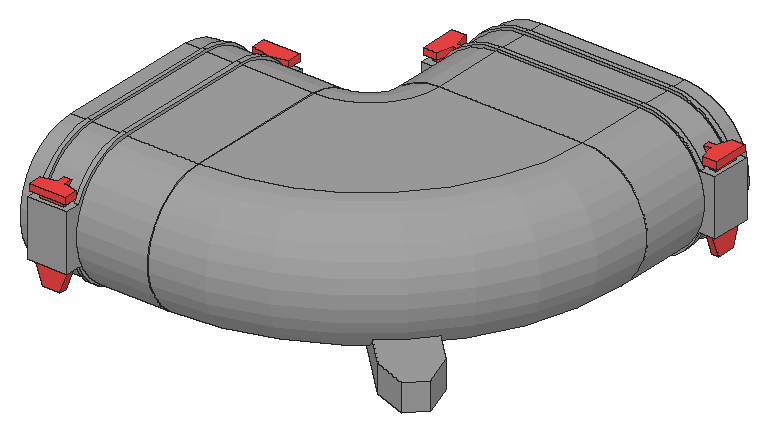
Revit family "CADS_AIRFLOWdev_AirflexPro_Oval_Elbow_90DegHorizontal", category Duct Fittings, Revit 2015
Parameters (values of type "CADS_AIRFLOWdev_AirflexPro_Oval_Elbow_90DegHorizontal")
  WorkingPressure = 3000.0 Pa
  WeeklyMaintenance = "N/A"
  WarrantyStartDate [instance] = "1900-12-31T23:59:156"
  WarrantyPeriod = "0"
  WarrantyIdentifier = "N/A"
  WarrantyGuarantorParts = "info@airflow.com"
  WarrantyGuarantorLabor = "info@airflow.com"
  WarrantyGuarantor = "Airflow Developments Ltd"
  WarrantyEndDate [instance] = "1900-12-31T23:59:156"
  WarrantyContent = "N/A"
  Uniclass2015 = "Pr_30_59_96_92:Ventilation ducts"
  TemperatureRange = "up to 40°C"
  TagNumber [instance] = "N/A"
  SustainabilityPerformance = "N/A"
  Status = "New"
  Size = "188 x 188 x 54"
  ShippingWeight = 0.24 kg
  Shape = "Other"
  ServiceLifeType = "EXPECTEDSERVICELIFE"
  ServiceLifeDuration = "10"
  SerialNumber [instance] = "N/A"
  SAPApproval = yes
  RunID = "0"
  ReplacementCost = "12.852"
  Reinforcement = "N/A"
  RedDotDesignAward = no
  QuarterlyMaintenance = "N/A"
  Quantity = 1
  ProductionYear = "2017"
  ProductLiterature = "https://www.airflow.com/pdf/Accessories.pdf#page=3"
  PointOfContact = "Airflow Developments Ltd"
  PassiveHouseApproval = no
  NominalWidth = 188 mm
  NominalLength = 188 mm
  NominalHeight = 54 mm
  NBSCode = "45-80-50/394 Ventilation ducts"
  MonthlyMaintenance = "N/A"
  ModelReference [instance] = "90000248"
  ModelLabel [instance] = "54mm x 117mm Oval 90° Horizontal Elbow (incl. 4 clips)"
  Material = "Plastic"
  ManufacturerWebsite = "www.airflow.com"
  ManufacturerTelephone = "01494 525252"
  ManufacturerE-Mail = "info@airflow.com"
  ManufacturerAddress = "Aidelle House\nLancaster Road\nCressex Business Park\nHigh Wycombe\nBucks\nHP123QP"
  Manufacturer = "AirFlow Devopments Ltd"
  MaintenanceRequired8001to12000hrs = "N/A"
  MaintenanceRequired601to1000hrs = "N/A"
  MaintenanceRequired4001to8000hrs = "N/A"
  MaintenanceRequired301to600hrs = "N/A"
  MaintenanceRequired2001to4000hrs = "N/A"
  MaintenanceRequired1001to2000hrs = "N/A"
  MaintenanceRequired0to300hrs = "N/A"
  LongitudinalSeam = "None"
  IsExtendedWarranty = no
  InstallationDate [instance] = "1900-12-31T23:59:156"
  ISO90001 = yes
  ISO140001 = yes
  GrossWeight = 0.20 kg
  Grade = "Virgin"
  GlobalTradeItemNumber [instance] = "5019009312323"
  FlipFixingPoint [instance] = no
  FixingOffset [instance] = if(FlipFixingPoint, 0 mm, 48 mm)  # 48 mm
  Fitting Type = "Ignore"
  FireControlPanelLinks = no
  Finish = "Lacquer"
  Features = "54mm x 117mm Oval 90° Horizontal Elbow (incl. 4 clips)"
  ExpectedServiceLife = 10
  Exclusions = "N/A"
  DurationUnit = "Year"
  DailyMaintenance = "N/A"
  Constituents = "54mm x 117mm Oval 90° Horizontal Elbow (incl. 4 clips)"
  Color = "Grey"
  CodePerformance = "N/A"
  CEApproval = yes
  CADS_Index = 0
  BespokeTimeFrameMaintenance = "N/A"
  AssetType = "FIXED"
  AssetIdentifier [instance] = "N/A"
  AssemblyPlace = "UNKNOWN"
  ArticleNumber [instance] = "N/A"
  AnnualMaintenance = "N/A"
  AirflowRateRange = 9.0 L/s
  AccessibilityPerformance = "N/A"
  AF_Body = AF_Grey
  6MonthlyMaintenance = "Visually inspect system, clean the fan and ducting if necessary"
Types (2, lengths in mm): name | RedDotDesignAward | PassiveHouseApproval | NominalWidth | NominalLength | NominalHeight | IsExtendedWarranty | FireControlPanelLinks
  (no name) | yes | yes | 0 | 0 | 0 | yes | yes
  CADS_AIRFLOWdev_AirflexPro_Oval_Elbow_90DegHorizontal | no | no | 188 | 188 | 54 | no | no
Values of the unnamed type that differ from the named types
  WorkingPressure = 0.0 Pa
  WeeklyMaintenance = ""
  WarrantyStartDate = ""
  WarrantyPeriod = ""
  WarrantyIdentifier = ""
  WarrantyGuarantorParts = ""
  WarrantyGuarantorLabor = ""
  WarrantyGuarantor = ""
  WarrantyEndDate = ""
  WarrantyContent = ""
  Uniclass2015 = ""
  TemperatureRange = ""
  TagNumber = ""
  SustainabilityPerformance = ""
  Status = ""
  Size = ""
  ShippingWeight = 0.00 kg
  Shape = ""
  ServiceLifeType = ""
  ServiceLifeDuration = ""
  SerialNumber = ""
  ReplacementCost = ""
  Reinforcement = ""
  QuarterlyMaintenance = ""
  Quantity = 0
  ProductionYear = ""
  ProductLiterature = ""
  PointOfContact = ""
  NBSCode = ""
  MonthlyMaintenance = ""
  ModelReference = ""
  ModelLabel = ""
  Material = ""
  ManufacturerWebsite = ""
  ManufacturerTelephone = ""
  ManufacturerE-Mail = ""
  ManufacturerAddress = ""
  MaintenanceRequired8001to12000hrs = ""
  MaintenanceRequired601to1000hrs = ""
  MaintenanceRequired4001to8000hrs = ""
  MaintenanceRequired301to600hrs = ""
  MaintenanceRequired2001to4000hrs = ""
  MaintenanceRequired1001to2000hrs = ""
  MaintenanceRequired0to300hrs = ""
  LongitudinalSeam = ""
  InstallationDate = ""
  GrossWeight = 0.00 kg
  Grade = ""
  GlobalTradeItemNumber = ""
  Fitting Type = ""
  Finish = ""
  Features = ""
  ExpectedServiceLife = 0
  Exclusions = ""
  DurationUnit = ""
  DailyMaintenance = ""
  Constituents = ""
  Color = ""
  CodePerformance = ""
  BespokeTimeFrameMaintenance = ""
  AssetType = ""
  AssetIdentifier = ""
  AssemblyPlace = ""
  ArticleNumber = ""
  AnnualMaintenance = ""
  AirflowRateRange = 0.0 L/s
  AccessibilityPerformance = ""
  6MonthlyMaintenance = ""
Reference planes
  plane 1 "Center (Front/Back)": y = 0
  plane 2: z = 0
  plane 3 "Center (Left/Right)": x = 0
  plane 4: x = -63.5
  plane 5: y = 63.5
  plane 6 "fixing point": z = -30
  plane 7: z = -18
  plane 8: z = 30
Forms (mm)
  Sweep 1, solid, material "AF_Grey"
    path in 3D
      loop
        arc (-63.5, 0, 0) -> (-18.599, 18.599, 0) -> (0, 63.5, 0) r 63.5
    profile "AF-Oval Outer Profile : AF-Oval Outer Profile" origin (-18.599, 18.599, 0) x (-0.707107, 0.707107, 0) y (0, 0, 1)
      loop
        arc (-32.015, 28.5) -> (-60.515, 0) -> (-32.015, -28.5) r 28.5
        line (-32.015, -28.5) -> (32.015, -28.5)
        arc (32.015, -28.5) -> (60.515, 0) -> (32.015, 28.5) r 28.5
        line (32.015, 28.5) -> (-32.015, 28.5)
  Extrusion 2, solid, material "AF_Grey"
    sketch origin (0, 0, -30) x (-1, 0, 0) y (0, -1, 0)
      loop
        line (82.238, -75.167) -> (77.038, -60.067) -> (-22.87, 39.84) -> (-37.97, 45.041) -> (-45.041, 37.97) -> (-39.84, 22.87) -> (60.067, -77.038) -> (75.167, -82.238) -> (82.238, -75.167)
    from 0 to 12
Lines and regions (mm)
  model lines
    curve 1: arc (-63.5, 0, 0) -> (-18.599, 18.599, 0) -> (0, 63.5, 0) r 63.5
    curve 3: line (-18.599, 18.599, -30) -> (-78.703, 78.703, -30)
  sketch lines
    curve 2: arc (-63.5, 0, 0) -> (-18.599, 18.599, 0) -> (0, 63.5, 0) r 63.5
Dimensions and locks
  locked: plane 7 to plane 6 "fixing point" at 12
  "FixingOffset": plane 8 to plane 7
  aligned and locked: level to plane 2
  aligned and locked: plane 7 to Extrusion 2
Automatic sketch dimensions
  plane 1 "Center (Front/Back)" to curve 1 = 0 mm
  curve 1 to plane 4 = 0 mm
  curve 1 to plane 3 "Center (Left/Right)" = 0 mm
  curve 3 to plane 3 "Center (Left/Right)" = 18.599 mm
  plane 5 to curve 3 = 15.203 mm
  curve 3 to plane 4 = 15.203 mm
  curve 3 to plane 1 "Center (Front/Back)" = 18.599 mm
  plane 3 "Center (Left/Right)" to Extrusion 2 sketch curve = 45.041 mm
  Extrusion 2 sketch curve to Extrusion 2 sketch curve = 5.201 mm  (x2)
  Extrusion 2 sketch curve to Extrusion 2 sketch curve = 7.071 mm  (x4)
  plane 4 to Extrusion 2 sketch curve = 3.433 mm
  Extrusion 2 sketch curve to plane 4 = 11.667 mm
  plane 5 to Extrusion 2 sketch curve = 18.738 mm
  plane 5 to Extrusion 2 sketch curve = 13.538 mm
  plane 1 "Center (Front/Back)" to Extrusion 2 sketch curve = 22.87 mm
  Extrusion 2 sketch curve to Extrusion 2 sketch curve = 15.1 mm  (x2)
  Extrusion 2 sketch curve to plane 4 = 13.538 mm
  Extrusion 2 sketch curve to plane 5 = 3.433 mm
Nested families
  nested 1: "AF-Oval-Socket" at (-63.5, 0, 0), type "AF-Oval-Socket"
  nested 2: "AF-Oval-Socket" at (0, 63.5, 0) x (0, -1, 0) z (0, 0, 1), type "AF-Oval-Socket"
Connectors
  hvac at (-63.5, 0, 0)
    settings: on Sweep 1, index 1, duct flow 0.0 L/s, flow factor 0, pres drop 0.0 Pa, loss coef 0, conn angle 90.00°, conn width 115 mm, conn height 51 mm, conn diameter 609.6 mm, duct sys type 28, conn prof type 2, flow config 0, flow direction 0, loss method 0, conn ref index -1, conn util no, is conn primary yes, conn desc ""
  hvac at (0, 63.5, 0)
    settings: on Sweep 1, index 2, duct flow 0.0 L/s, flow factor 0, pres drop 0.0 Pa, loss coef 0, conn angle 90.00°, conn width 115 mm, conn height 51 mm, conn diameter 609.6 mm, duct sys type 28, conn prof type 2, flow config 0, flow direction 0, loss method 0, conn ref index -1, conn util no, is conn primary no, conn desc ""
Definition of nested family "AF-Oval-Socket"
  Parameters (values of type "AF-Oval-Socket")
    Default Elevation = 1219.2 mm
  Reference planes
    plane 1 "Center (Front/Back)": y = 0
    plane 2: z = 0
    plane 3 "Center (Left/Right)": x = 0
    plane 4: x = -49.5
    plane 5: x = -47.5
    plane 6: x = -32
    plane 7: x = -34
    plane 8: y = 61.515
    plane 9: y = 60.515
    plane 10: y = 65.515
  Forms (mm)
    Sweep 1, solid
      path in 3D
        loop
          line (0, 0, 0) -> (-57, 0, 0)
      profile "AF-Oval Outer Profile : AF-Oval Outer Profile" origin (-28.5, 0, 0) x (0, -1, 0) y (0, 0, 1)
        loop
          arc (-32.015, 28.5) -> (-60.515, 0) -> (-32.015, -28.5) r 28.5
          line (-32.015, -28.5) -> (32.015, -28.5)
          arc (32.015, -28.5) -> (60.515, 0) -> (32.015, 28.5) r 28.5
          line (32.015, 28.5) -> (-32.015, 28.5)
    Sweep 2, void
      path in 3D
        loop
          line (0, 0, 0) -> (-57, 0, 0)
      profile "AF-Oval : AF-Oval" origin (-28.5, 0, 0) x (0, -1, 0) y (0, 0, 1)
        loop
          arc (-32, 25.5) -> (-57.5, 0) -> (-32, -25.5) r 25.5
          line (-32, -25.5) -> (32, -25.5)
          arc (32, -25.5) -> (57.5, 0) -> (32, 25.5) r 25.5
          line (32, 25.5) -> (-32, 25.5)
    Sweep 3, solid
      path in 3D
        loop
          line (-57, 32.015, 28.5) -> (-57, -32.015, 28.5)
          arc (-57, -32.015, 28.5) -> (-57, -60.515, 0) -> (-57, -32.015, -28.5) r 28.5
          line (-57, -32.015, -28.5) -> (-57, 32.015, -28.5)
          arc (-57, 32.015, -28.5) -> (-57, 60.515, 0) -> (-57, 32.015, 28.5) r 28.5
      profile origin (-57, 60.515, 0) x (0, 1, 0) y (-1, 0, 0)
        loop
          line (1, -7.5) -> (0, -7.5) -> (0, -9.5) -> (1, -9.5) -> (1, -7.5)
        loop
          line (1, -25) -> (1, -23) -> (0, -23) -> (0, -25) -> (1, -25)
    Extrusion 4, solid
      sketch origin (0, 0, 0) x (1, 0, 0) y (0, 1, 0)
        loop
          line (-49.5, 65.515) -> (-49.5, 57.825) -> (-32, 57.825) -> (-32, 65.515) -> (-49.5, 65.515)
        loop
          line (-49.5, -65.515) -> (-32, -65.515) -> (-32, -57.844) -> (-49.5, -57.844) -> (-49.5, -65.515)
      from -12.5 to 12.5
  Cuts and joins
    Sweep 2 cuts Sweep 1
    joined: Sweep 1, Sweep 3, Extrusion 4
  Lines and regions (mm)
    model lines
      curve 1: line (0, 0, 0) -> (-57, 0, 0)
    sketch lines
      curve 2: line (0, 0, 0) -> (-57, 0, 0)
      curve 3: line (0, 0, 0) -> (-57, 0, 0)
      curve 4: arc (-57, 32.015, -28.5) -> (-57, 60.515, 0) -> (-57, 32.015, 28.5) r 28.5
      curve 5: line (-57, 32.015, -28.5) -> (-57, -32.015, -28.5)
      curve 6: arc (-57, -32.015, 28.5) -> (-57, -60.515, 0) -> (-57, -32.015, -28.5) r 28.5
      curve 7: line (-57, -32.015, 28.5) -> (-57, 32.015, 28.5)
  Dimensions and locks
    aligned and locked: level to plane 2
  Nested families
    nested 1: "AF-Clip" at (-40.75, -65.515, 0), type "AF-Clip"
    nested 2: "AF-Clip" at (-40.75, 65.515, 0) x (-1, 0, 0) z (0, 0, 1), type "AF-Clip"
  Definition of nested family "AF-Clip"
    Reference planes
      plane 1 "Center (Front/Back)": y = 0
      plane 2: z = 0
      plane 3 "Center (Left/Right)": x = 0
      plane 4 "clip": y = 2.249
    Forms (mm)
      Extrusion 1, solid
        sketch origin (0, 0, 0) x (1, 0, 0) y (0, 1, 0)
          loop
            line (-8, 0) -> (8, 0) -> (8, 6) -> (1.5, 7.742) -> (1.5, 12.043) -> (-1.5, 12.043) -> (-1.5, 7.742) -> (-8, 6) -> (-8, 0)
        from 15 to 18
      Extrusion 2, solid
        sketch origin (0, 2.249, 0) x (-1, 0, 0) y (0, 0, 1)
          loop
            line (5.365, 15) -> (-5.365, 15) -> (-5.365, -12.5) -> (-7.581, -12.5) -> (-3.941, -22.5) -> (3.941, -22.5) -> (7.581, -12.5) -> (5.365, -12.5) -> (5.365, 15)
        from 0 to 3
      Extrusion 3, solid
        sketch origin (0, 0, 0) x (1, 0, 0) y (0, 1, 0)
          loop
            line (-1.5, 12.043) -> (-1.5, 5.249) -> (1.5, 5.249) -> (1.5, 12.043) -> (-1.5, 12.043)
        from -12.5 to 15
    Cuts and joins
      joined: Extrusion 1, Extrusion 2, Extrusion 3
    Dimensions and locks
      aligned and locked: level to plane 2
      aligned and locked: Extrusion 3 sketch curve to cut or joined group of Extrusion 1, Extrusion 2, Extrusion 3  (x3)
      aligned and locked: Extrusion 3 to cut or joined group of Extrusion 1, Extrusion 2, Extrusion 3
